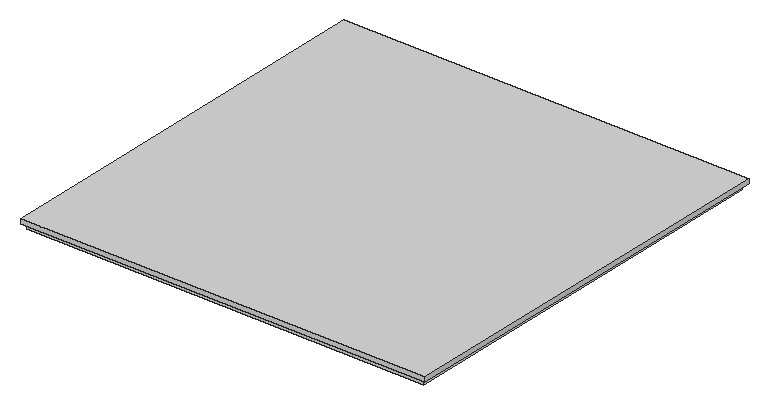
Revit family "solaton-light_640x640", category 機械設備, Revit 2022
Family settings
  丸型コネクタ寸法 = 直径を使用
  種別 = なし
  パーツ タイプ = 標準
  作業面ベース = いいえ
  常に垂直 = はい
  ロード時にボイドで切り取り = いいえ
  注釈の向きを維持 = いいえ
  共有 = いいえ
  部屋計算ポイント = いいえ
Parameters
  製造元 = "株式会社桐井製作所"
  既定の高さ = 0 mm
  URL = "https://www.kirii.co.jp/"
  K_長さ(mm) = 632 mm
  K_品名 = "ソーラトンライト・グリッド(640×640用)"
  K_名称 = "岩綿吸音板"
  K_備考 = "対象Tバー:eY4815、eT4015"
  K_バージョン情報 = "20220915"
Reference planes
  plane 1 "中心(正面/背面)": y = 0
  plane 2: z = 0
  plane 3 "中心(左/右)": x = 0
Forms (mm)
  Extrusion 1, solid, material "石膏"
    sketch origin (0, 32, 0) x (0, 1, 0) y (0, 0, 1)
      loop
        line (-342, 0) -> (278, 0) -> (278, 8) -> (284, 8) -> (284, 15) -> (-348, 15) -> (-348, 8) -> (-342, 8) -> (-342, 0)
    from -316 to 316
  Extrusion 2, void
    sketch origin (-20, 25, 0) x (1, 0, 0) y (0, 0, 1)
      loop
        line (-296, 8) -> (-296, 0) -> (-290, 0) -> (-290, 8) -> (-296, 8)
      loop
        line (330, 8) -> (330, 0) -> (336, 0) -> (336, 8) -> (330, 8)
    from -285 to 336
Cuts and joins
  Extrusion 2 cuts Extrusion 1
Dimensions and locks
  aligned and locked: level to plane 2
